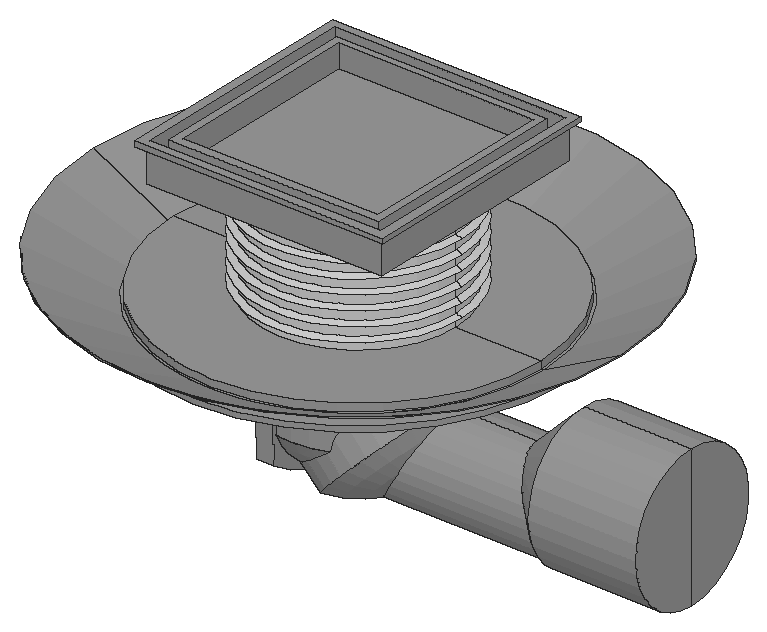
Revit family "HL_Трап для балконов и террас_HL80-3020", category Instalační zařizovací předměty, Revit 2016
Family settings
  Typ součásti = Normální
  Kóta kulaté spojky = Použít průměr
  Číslo OmniClass = 23.70.50.21.24.14
  Nadpis OmniClass = Deck Waste Water Drains
  Založené na pracovní rovině = Ne
  Vždy vertikální = Ano
  Ořezat dutým tvarem při načtení = Ne
  Sdílené = Ne
  Bod výpočtu místnosti = Ano
Parameters (values of type "HL_Трап для балконов и террас_HL80-3020")
  РЕШЁТКА = "112 x 112 mm"
  РАЗМЕР = "DN50/75"
  ПРОПУСКНАЯ СПОСОБНОСТЬ [instance] = 0.0 L/s
  ПРОИЗВОДИТЕЛЬНОСТЬ = "0,80 l/s"
  ПРАВОВАЯ ИНФОРМАЦИЯ = "\"Авторские права(©), права на дизайн или какие либо другие права интелектуальной собственности являются исключительной собственностью компании HL Hutterer & Lechner. Изменению не подлежит. Файл семейства с данными о прозводителе изделия защищен паролем с водяным знаком.\""
  НОМИНАЛЬНЫЙ ДИАМЕТР [instance] = 75 mm
  НАСАДКА = "10 - 80 mm / 132 x 132 mm"
  МАТЕРИАЛ = "PP / PE"
  МАКСИМАЛЬНАЯ НАГРУЗКА КЛАССА = "K3 -300kg"
  ВЫСОТА МОНТАЖА = "124mm"
  ВЕС = "0,666 kg"
  Výrobce = "HL Hutterer & Lechner GmbH"
  URL = "http://www.hutterer-lechner.com/ru/products/catalog/roof-drains/HL80-3020.aspx"
  Материал плитка [instance] = none
  Připojení ventilace = no
  Připojení odpadu = yes
  Připojení HW = no
  Připojení CW = no
  Popis = "Трап для балконов и террас"
  Model = "HL80-3020"
  Assembly Code = " "
  Komentáře k typům = "Трап для балконов и террас, с выпуском DN50/75 с бесступенчатой настройкой 0?90?, с механическим незамерзающим запахозапирающим клапаном, с надставным элементом 132х132/112х112 мм для вклеивания керамической плитки"
  Keynote = "HL80-3020"
  Высота монтажа 2 [instance] = 0 mm
  Высота монтажа 1 [instance] = 80 mm
  IH [instance] = Высота монтажа 1 + Высота монтажа 2  # 80 mm
  Угол установки [instance] = 90.00°
  G [instance] = if(Угол установки = 0.00°, 180.00°, 90.00°)  # 90.00°
  F [instance] = if(and(Угол установки = 0.00°, НОМИНАЛЬНЫЙ ДИАМЕТР = 50 mm), 25.5 mm, 13 mm)  # 13 mm
  EAN = "9003076034468"
  D [instance] = if(and(Угол установки = 0.00°, НОМИНАЛЬНЫЙ ДИАМЕТР = 75 mm), 164.2 mm, if(and(Угол установки = 0.00°, НОМИНАЛЬНЫЙ ДИАМЕТР = 50 mm), 69.3 mm, if(and(Угол установки = 90.00°, НОМИНАЛЬНЫЙ ДИАМЕТР = 50 mm), 95 mm - 13 mm, 178.1 mm - 13 mm)))  # 165.1 mm
  C [instance] = if(IH - 68 mm < 0 mm, 0 mm, IH - 68 mm)  # 12 mm
  B [instance] = IH + if(НОМИНАЛЬНЫЙ ДИАМЕТР = 50 mm, 60 mm, 48 mm)  # 128 mm
  A [instance] = if(B - 100 mm > 15 mm, B - 100 mm, 15 mm)  # 28 mm
Reference planes
  plane 1 "Center (Front/Back)": y = 0
  plane 2: z = 0
  plane 3 "Center (Left/Right)": x = 0
  plane 4: z = -128
  plane 5: z = -80
  plane 6: x = 13
  plane 7: z = -80
Lines and regions (mm)
  model lines, style "InvisibleLines"
    curve 1: line (0, 0, 0) -> (0, 0, 20)
  model lines, style "PlumbingFixtures", not visible, detail levels coarse+medium
    curve 2: line (0, 0, -128) -> (0, 0, -100)
  model lines, style "PlumbingFixtures", detail levels coarse+medium
    curve 3: line (0, 0, -100) -> (-100, 0, 0)
    curve 4: line (0, 0, -100) -> (100, 0, 0)
    curve 6: line (13, 0, -128) -> (178.1, 0, -128)
    curve 23: line (0, 0, -128) -> (0, 0, -100)
    curve 24: line (13, 0, -128) -> (0, 0, -128)
  reference lines, not visible
    curve 5: line (13, 0, -128) -> (178.1, 0, -128)
  symbolic lines, style "PlumbingFixtures", detail levels coarse+medium
    curve 7: line (-75, 75, 0) -> (75, 75, 0)
    curve 8: line (-75, -75, 0) -> (-75, 75, 0)
    curve 9: line (75, -75, 0) -> (-75, -75, 0)
    curve 10: line (75, 75, 0) -> (75, -75, 0)
    curve 11: line (-75, 75, 0) -> (-145.711, 145.711, 0)
    curve 12: line (75, 75, 0) -> (145.711, 145.711, 0)
    curve 13: line (-75, -75, 0) -> (-145.711, -145.711, 0)
    curve 14: line (75, -75, 0) -> (145.711, -145.711, 0)
  symbolic lines, style "PlumbingFixtures", not visible, detail levels coarse+medium
    curve 15: line (-75, 75, 0) -> (75, 75, 0)
    curve 16: line (-75, -75, 0) -> (-75, 75, 0)
    curve 17: line (75, -75, 0) -> (-75, -75, 0)
    curve 18: line (75, 75, 0) -> (75, -75, 0)
    curve 19: line (-75, 75, 0) -> (-145.711, 145.711, 0)
    curve 20: line (75, 75, 0) -> (145.711, 145.711, 0)
    curve 21: line (-75, -75, 0) -> (-145.711, -145.711, 0)
    curve 22: line (75, -75, 0) -> (145.711, -145.711, 0)
Text (mm)
  text "FLOOR" at (-162.344, 0, -10.979), in view "вид строительства"
Dimensions and locks
  "B": plane 2 to plane 4
  "IH": plane 2 to plane 5
  "A": curve 4 to plane 4
  "D": curve 5 to curve 5
  "D": curve 6 to curve 6
  "F": plane 6 to plane 3 "Center (Left/Right)"
  "Высота монтажа 1": plane 2 to plane 7
  locked: curve 4 to plane 3 "Center (Left/Right)" (angle 45.00°)
  locked: plane 3 "Center (Left/Right)" to curve 3 (angle 45.00°)
  "G": angle curve 5 to plane 3 "Center (Left/Right)"
  aligned and locked: level to plane 2
  aligned and locked: plane 2 to curve 4
  aligned and locked: plane 2 to curve 3
  aligned and locked: plane 4 to curve 2
  aligned and locked: plane 4 to curve 5
  aligned and locked: plane 6 to curve 5
  aligned and locked: curve 6 to curve 5
  aligned and locked: nested 3 to plane 3 "Center (Left/Right)"
  aligned and locked: plane 2 to nested 2
  aligned and locked: plane 3 "Center (Left/Right)" to nested 2
  aligned and locked: nested 1 to nested 2
  aligned and locked: nested 1 to nested 3
  aligned and locked: plane 5 to nested 3
Automatic sketch dimensions
  curve 2 to plane 3 "Center (Left/Right)" = 0 mm
  curve 1 to plane 3 "Center (Left/Right)" = 0 mm
  curve 24 to plane 6 = 0 mm
  curve 1 to level = 0 mm
  level to curve 1 = 20 mm
  curve 6 to curve 5 = 0 mm
Nested families
  nested 1: "HL-Вкладыш заслонки-HL080.4E" at (0, 0, -95.654), type "HL-Вкладыш заслонки-HL080.4E"
  nested 2: "HL-Насадка-HL3020" at (0, 0, 0), Высота монтажа <- "Высота монтажа 1", type "HL3020"
    with Высота монтажа 80 mm, RN 7, RL 45.5 mm, R yes, NL_Test yes, NL 80 mm
  nested 3: "HL-Корпус-HL80K-3020" at (0, 0, -80), DN <- "НОМИНАЛЬНЫЙ ДИАМЕТР", Угол установки <- "Угол установки", type "HL80K-3020"
    with Угол установки 90.00°, OE 5 mm, LV 0 mm, DT 10 mm, DN 75 mm
Connectors
  piping at (178.1, 0, -128), diameter 75, driven by "ПРОПУСКНАЯ СПОСОБНОСТЬ", driven by "НОМИНАЛЬНЫЙ ДИАМЕТР"
    settings: on curve 5, index 1, connector inside diameter 609.6 mm, connector length 0 mm, flow factor 0, pipe flow 0.0 L/s, pressure drop 0.0 Pa, fitting loss kfactor 0, connector angle 0.00°, fixture units 0, engagement length 0 mm, angle of deflection 0.00°, flow configuration 1, flow direction 2, fitting loss method 0, system type 16, joint type 0, gender type 0, connector reference index -1, connector utility 0, adjustable connector yes, is connector primary yes, connector description ""
Definition of nested family "HL-Вкладыш заслонки-HL080.4E"
  Parameters (values of type "HL-Вкладыш заслонки-HL080.4E")
    ПРАВОВАЯ ИНФОРМАЦИЯ = "\"Авторские права(©), права на дизайн или какие либо другие права интелектуальной собственности являются исключительной собственностью компании HL Hutterer & Lechner. Изменению не подлежит. Файл семейства с данными о прозводителе изделия защищен паролем с водяным знаком.\""
    ВЕС = "0,042 kg"
    Manufacturer = "HL Hutterer & Lechner GmbH"
    URL = "http://www.hutterer-lechner.com/ru/products/catalog/roof-drains/HL080.4E.aspx"
    Description = "Вкладыш заслонки"
    Model = "HL080.4E"
    материал 2 = none
    Материал = none
    Type Comments = "Вкладыш заслонки комплект"
    Keynote = "HL080.4E"
    Высота монтажа [instance] = 0 mm
    EAN = "9003076008049"
    Cost = 0
  Reference planes
    plane 1 "Střed (vpředu/vzadu)": y = 0
    plane 2: z = 0
    plane 3 "Střed (vlevo/vpravo)": x = 0
  Forms (mm)
    Revolve 1, solid, material <- "материал 2", detail levels fine
      sketch origin (0, 0, 0) x (1, 0, 0) y (0, 0, 1)
        loop
          line (-45.361, -5.658) -> (-45.361, -1.658)
          arc (-45.361, -1.658) -> (-46.973, -3.658) -> (-45.361, -5.658) r 2.047
        axis (0, -1.658) -> (0, -5.658)
      angle from 0 to 360
    Extrusion 2, solid, material <- "Материал", detail levels fine
      sketch origin (0, 0, 0) x (1, 0, 0) y (0, 1, 0)
        loop
          circle (0, 0) r 45.361
        loop
          arc (-16.459, 37) -> (-40.496, 0) -> (-16.459, -37) r 40.496
          line (-16.459, -37) -> (16.459, -37)
          arc (16.459, -37) -> (40.496, 0) -> (16.459, 37) r 40.496
          line (16.459, 37) -> (-16.459, 37)
      from 0 to -7.5
    Extrusion 3, void
      sketch origin (0, 0, 0) x (1, 0, 0) y (0, 1, 0)
        loop
          circle (0, 0) r 41.7
        loop
          circle (0, 0) r 70
      from 0 to -23.96
    Extrusion 4, solid, material <- "Материал", detail levels fine
      sketch origin (0, 0, 0) x (0, 1, 0) y (0, 0, 1)
        loop
          line (43, -7.5) -> (-43, -7.5) -> (-43, -48.11)
          arc (-43, -48.11) -> (0, -62.392) -> (43, -48.11) r 71.872
          line (43, -48.11) -> (43, -7.5)
      from -14.5 to -12
    Extrusion 5, solid, material <- "Материал", detail levels fine
      sketch origin (0, 0, 0) x (1, 0, 0) y (0, 0, 1)
        loop
          line (-9.5, -11.383) -> (11.5, -8.432) -> (10.013, 0) -> (-8.504, 0) -> (-9.5, -11.383)
      from -1.6 to 1.6
    Extrusion 6, solid, material <- "Материал", detail levels fine
      sketch origin (0, 0, 0) x (0, 1, 0) y (0, 0, 1)
        loop
          line (39, -12.086) -> (-39, -12.086) -> (-39, -22.437) -> (-30, -22.437) -> (-30, -46.364)
          arc (-30, -46.364) -> (0, -59.879) -> (30, -46.364) r 40.054
          line (30, -46.364) -> (30, -22.437) -> (39, -22.437) -> (39, -12.086)
      from -12 to 10
    Extrusion 7, void
      sketch origin (0, 0, 100) x (1, 0, 0) y (0, 0, 1)
        loop
          line (-7.423, -112.086) -> (10.923, -162.491) -> (13.034, -162.491) -> (13.034, -112.086) -> (-7.423, -112.086)
      from -40.614 to 41.075
    Extrusion 8, solid, material <- "Материал", detail levels fine
      sketch origin (0, 0, 0) x (1, 0, 0) y (0, 0, 1)
        loop
          line (-12, -13.505) -> (42.684, -7.273) -> (42.684, -5.592) -> (-12, -7.5) -> (-12, -13.505)
      from -51.643 to 51.552
  Cuts and joins
    Extrusion 7 cuts Extrusion 6
    joined: Extrusion 2, Extrusion 4, Extrusion 6
    Extrusion 3 cuts Extrusion 8
  Dimensions and locks
    aligned and locked: level to plane 2
Definition of nested family "HL-Насадка-HL3020"
  Parameters (values of type "HL3020")
    РЕШЁТКА = "112 x 112 mm / ABS-V4A"
    РАЗМЕР = "d 110 mm"
    ПРАВОВАЯ ИНФОРМАЦИЯ = "Авторские права(©), права на дизайн или какие либо другие права интелектуальной собственности являются исключительной собственностью компании HL Hutterer & Lechner. Изменению не подлежит. Файл семейства с данными о прозводителе изделия защищен паролем с водяным знаком."  # constant formula
    НАСАДКА = "132 x 132 mm / PP-V4A"
    МАКСИМАЛЬНАЯ НАГРУЗКА КЛАССА = "K3 - 300 kg"
    Высота монтажа [instance] = 100 mm
    ВЫСОТА МОНТАЖА = "30 - 100 mm (10-80 mm)"
    ВЕС = "0,32 [kg]"
    Waste Connection = yes
    Vent Connection = no
    RD = 6.5 mm  # constant formula
    R [instance] = ((Высота монтажа - NL_Min) / RD - 1) > 2  # yes
    RL [instance] = RD * RN  # 65 mm
    NL_Test [instance] = and(or(Высота монтажа < NL_Max, Высота монтажа = NL_Max), or(Высота монтажа > NL_Min, Высота монтажа = NL_Min))  # yes
    NL_Min = 30 mm
    NL_Max = 100 mm
    NL [instance] = if(NL_Test, Высота монтажа, 0 mm)  # 100 mm
    RN [instance] = if((Высота монтажа - NL_Min) / RD - 1 < 2, 2, (Высота монтажа - NL_Min) / RD - 1)  # 10
    Manufacturer = "HL Hutterer & Lechner GmbH"  # constant formula
    URL = "http://www.hutterer-lechner.com/ru/products/catalog/floor-drains/attachments/HL3020.aspx"
    HW Connection = no
    Description = "Трапы для внутренних помещений - Комплектующие"
    Model = "HL3020"
    Type Comments = "HL3020 Надставной элемент ?110 мм с подрамником из нержавеющей стали 132х132 мм и вкладышем 112х112 мм для вклеивания керамической плитки"
    Keynote = "HL3020"
    EAN = "9003076034253"
    CW Connection = no
  Reference planes
    plane 1 "Center (Front/Back)": y = 0
    plane 2: z = 0
    plane 3 "Center (Left/Right)": x = 0
    plane 4 "Ball Joint Vertical": x = 25.45
    plane 5: z = -100
  Forms (mm)
    Sweep 1, solid, detail levels fine
      path origin (0, 0, 0) x (1, 0, 0) y (0, 1, 0)
        loop
          line (-66, 66) -> (-66, -66) -> (66, -66) -> (66, 66) -> (-66, 66)
      profile origin (0, 66, 0) x (0, 1, 0) y (0, 0, 1)
        loop
          line (0, 0) -> (-4.35, 0) -> (-4.35, -20.7) -> (-3.55, -20.7) -> (-3.55, -2.5) -> (0, -2.5) -> (0, 0)
        loop
          line (-10, 0) -> (-14, 0) -> (-14, -14) -> (-10, -14) -> (-10, 0)
    Extrusion 2, solid, detail levels fine
      sketch origin (0, 0, 0) x (1, 0, 0) y (0, 1, 0)
        loop
          line (-56, 56) -> (-56, -56) -> (56, -56) -> (56, 56) -> (-56, 56)
      from -12 to -14
    Extrusion 3, solid, detail levels fine
      sketch origin (0, 0, 0) x (1, 0, 0) y (0, 1, 0)
        loop
          line (-61.75, 61.75) -> (-61.75, -61.75) -> (61.75, -61.75) -> (61.75, 61.75) -> (-61.75, 61.75)
      from -20.7 to -19.079
    Revolve 4, solid, detail levels fine
      sketch origin (0, 0, 0) x (1, 0, 0) y (0, 0, 1)
        loop
          line (52, -100) -> (52, -20.7) -> (50.2, -20.7) -> (50.2, -100) -> (52, -100)
        axis (0, -20.7) -> (0, -100)
      angle from 0 to 360
  Lines and regions (mm)
    symbolic lines
      curve 1: line (0, 0, -100) -> (0, 0, 0)
  Text (mm)
    text "ROOF/FLOOR" at (-198.233, 0, -26.556), in view "Drain Construction View"
  Dimensions and locks
    locked: plane 4 "Ball Joint Vertical" to plane 3 "Center (Left/Right)" at 25.45
    "NL": plane 2 to plane 5
    equal spacing: group 1, group 3, group 4, group 5, group 6, group 7, group 8, group 9, group 10, group 2  (x3)
    "RL": nested 2 to nested 1
    locked: nested 1 to plane 5 at 1.516
    aligned and locked: level to plane 2
    aligned and locked: plane 3 "Center (Left/Right)" to nested 1
    aligned and locked: plane 1 "Center (Front/Back)" to nested 1
    aligned and locked: plane 2 to curve 1
    aligned and locked: plane 5 to curve 1
    aligned and locked: Sweep 1 to Revolve 4 sketch curve
    aligned and locked: plane 5 to Revolve 4 sketch curve
  Automatic sketch dimensions
    curve 1 to plane 4 "Ball Joint Vertical" = 25.45 mm
    Sweep 1 sketch curve to plane 3 "Center (Left/Right)" = 66 mm
    plane 4 "Ball Joint Vertical" to Sweep 1 sketch curve = 40.55 mm
    plane 1 "Center (Front/Back)" to Sweep 1 sketch curve = 66 mm
    Sweep 1 sketch curve to plane 1 "Center (Front/Back)" = 66 mm
    Sweep 1 sketch curve to profile plane = 0 mm  (x3)
    profile plane to Sweep 1 sketch curve = 3.55 mm
    Sweep 1 sketch curve to Sweep 1 sketch curve = 0.8 mm
    Sweep 1 sketch curve to Sweep 1 sketch curve = 5.65 mm
    Sweep 1 sketch curve to Sweep 1 sketch curve = 4 mm
    Sweep 1 sketch curve to profile plane = 2.5 mm
    Sweep 1 sketch curve to Sweep 1 sketch curve = 11.5 mm
    Sweep 1 sketch curve to Sweep 1 sketch curve = 6.7 mm
    Extrusion 2 sketch curve to plane 3 "Center (Left/Right)" = 56 mm
    plane 4 "Ball Joint Vertical" to Extrusion 2 sketch curve = 30.55 mm
    plane 1 "Center (Front/Back)" to Extrusion 2 sketch curve = 56 mm
    Extrusion 2 sketch curve to plane 1 "Center (Front/Back)" = 56 mm
    Extrusion 3 sketch curve to plane 3 "Center (Left/Right)" = 61.75 mm
    plane 4 "Ball Joint Vertical" to Extrusion 3 sketch curve = 36.3 mm
    plane 1 "Center (Front/Back)" to Extrusion 3 sketch curve = 61.75 mm
    Extrusion 3 sketch curve to plane 1 "Center (Front/Back)" = 61.75 mm
    Revolve 4 sketch curve to plane 3 "Center (Left/Right)" = 0 mm
    plane 4 "Ball Joint Vertical" to Revolve 4 sketch curve = 24.75 mm
    Revolve 4 sketch curve to Revolve 4 sketch curve = 1.8 mm
    Revolve 4 sketch curve to level = 22.222 mm
    level to Revolve 4 sketch curve = 10 mm
  Nested families
    nested 1: "Ring" at (0, 0, -98.484), visible <- "R", type "Ring"
      with R 52 mm, D 104 mm
    nested 2: "Ring" at (0, 0, -33.484), visible <- "R", type "Ring"
      with R 52 mm, D 104 mm
    nested 3: "Ring" at (0, 0, -91.262), visible <- "R", type "Ring"
      with R 52 mm, D 104 mm
    nested 4: "Ring" at (0, 0, -84.039), visible <- "R", type "Ring"
      with R 52 mm, D 104 mm
    nested 5: "Ring" at (0, 0, -76.817), visible <- "R", type "Ring"
      with R 52 mm, D 104 mm
    nested 6: "Ring" at (0, 0, -69.595), visible <- "R", type "Ring"
      with R 52 mm, D 104 mm
    nested 7: "Ring" at (0, 0, -62.373), visible <- "R", type "Ring"
      with R 52 mm, D 104 mm
    nested 8: "Ring" at (0, 0, -55.151), visible <- "R", type "Ring"
      with R 52 mm, D 104 mm
    nested 9: "Ring" at (0, 0, -47.928), visible <- "R", type "Ring"
      with R 52 mm, D 104 mm
    nested 10: "Ring" at (0, 0, -40.706), visible <- "R", type "Ring"
      with R 52 mm, D 104 mm
  Definition of nested family "Ring"
    Parameters (values of type "Ring")
      Manufacturer = ""
      URL = ""
      R = D / 2  # 51.5 mm
      Description = ""
      Model = ""
      Material = none
      Type Comments = ""
      D = 103 mm
      Cost = 0
    Reference planes
      plane 1 "Střed (vpředu/vzadu)": y = 0
      plane 2: z = 0
      plane 3 "Střed (vlevo/vpravo)": x = 0
    Forms (mm)
      Revolve 1, solid, material <- "Material", detail levels fine
        sketch origin (0, 0, 0) x (1, 0, 0) y (0, 0, 1)
          loop
            line (-51.5, 1.482) -> (-54.764, 0) -> (-51.5, -1.516) -> (-51.5, 1.482)
          axis (0, 1.482) -> (0, -1.516)
        angle from 0 to 360
    Dimensions and locks
      "R": Revolve 1 sketch curve to plane 3 "Střed (vlevo/vpravo)"
      aligned and locked: level to plane 2
      aligned and locked: Revolve 1 sketch curve to plane 3 "Střed (vlevo/vpravo)"
    Automatic sketch dimensions
      Revolve 1 sketch curve to level = 0 mm
      Revolve 1 sketch curve to Revolve 1 sketch curve = 3.264 mm
      Revolve 1 sketch curve to level = 1.516 mm
      level to Revolve 1 sketch curve = 1.482 mm
      Revolve 1 sketch curve to level = 381 mm
      Revolve 1 sketch curve to Revolve 1 sketch curve = 2212.833 mm
Definition of nested family "HL-Корпус-HL80K-3020"
  Parameters (values of type "HL80K-3020")
    РАЗМЕР = "DN50/75"
    ПРАВОВАЯ ИНФОРМАЦИЯ = "Авторские права(©), права на дизайн или какие либо другие права интелектуальной собственности являются исключительной собственностью компании HL Hutterer & Lechner. Изменению не подлежит. Файл семейства с данными о прозводителе изделия защищен паролем с водяным знаком."  # constant formula
    МАТЕРИАЛ = "PP/PE"
    ВЫСОТА МОНТАЖА = "112 mm"
    ВЕС = "0,45 [kg]"
    Waste Connection = yes
    Vent Connection = no
    Manufacturer = "HL Hutterer & Lechner GmbH"  # constant formula
    LV [instance] = if(DN = 75 mm, 0 mm, 83 mm)  # 0 mm
    HW Connection = no
    EAN = "9003076034475"
    Default Elevation = 0 mm
    URL = "http://www.hutterer-lechner.com/ru/Products/catalog/floor-drains/attachments/HL80K-3020.aspx"
    RN2 = DN2 / 2  # 37.5 mm
    RN1 = DN1 / 2  # 25 mm
    Description = "Трапы для внутренних помещений - Комплектующие"
    DT [instance] = if(DN = DN1, 10 mm, if(DN = DN2, 10 mm, 0 mm))  # 10 mm
    DN [instance] = 75 mm
    CW Connection = no
    OL = 150 mm  # constant formula
    OE [instance] = if(Угол установки > 0.00°, 5 mm, 30 mm)  # 5 mm
    Model = "HL80K-3020"
    Type Comments = "HL80K-3020 Корпус трапа для балконов и террас, с выпуском DN50/75 с бесступенчатой настройкой 0?90?, для серии 3020, с глубокой строительной заглушкой."
    Keynote = "HL80K-3020"
    Угол установки [instance] = 90.00°
    DN2 = 75 mm  # constant formula
    DN1 = 50 mm  # constant formula
  Reference planes
    plane 1 "Center (Front/Back)": y = 0
    plane 2: z = 0
    plane 3 "Center (Left/Right)": x = 0
    plane 4: z = 0
    plane 5: z = -90
    plane 6: z = -215
    plane 7 "Ball joint horizontal": z = -60
    plane 8 "Ball Joint Vertical": x = 25.45
  Forms (mm)
    Revolve 1, solid, detail levels fine
      sketch origin (0, 0, -30) x (1, 0, 0) y (0, 0, 1)
        loop
          line (-110.113, 30) -> (-110.113, 27) -> (-93.745, 27) -> (-93.745, 22.2) -> (-57.512, 22.2) -> (-57.512, 6.846) -> (-44.801, 6.846) -> (-44.801, -19.856)
          arc (-44.801, -19.856) -> (-26.723, -40.908) -> (-0.11, -48.765) r 49
          line (-0.11, -48.765) -> (-0.11, 33.918) -> (-98.114, 33.918) -> (-98.114, 30) -> (-99.543, 30) -> (-141.004, 51.521) -> (-141.004, 30) -> (-110.113, 30)
        axis (-0.11, 51.521) -> (-0.11, -48.765)
      angle from 0 to 360
    Sweep 2, solid, detail levels fine
      path in 3D
        loop
          line (5.45, 0, -60) -> (175.45, 0, -60)
      profile origin (90.45, 0, -60) x (0, 0, 1) y (0, -1, 0)
        loop
          circle (0, 0) r 25
    Revolve 3, solid, detail levels fine
      sketch origin (85.45, 0, -47.5) x (1, 0, 0) y (0, 0, 1)
        loop
          line (92.547, 0) -> (92.547, 37.5) -> (35.328, 37.5) -> (-2.125, 0) -> (92.547, 0)
        axis (-2.125, 0) -> (92.547, 0)
      angle from 0 to 360
    Revolve 4, solid, detail levels fine
      sketch origin (0, 0, -30) x (1, 0, 0) y (0, 0, 1)
        loop
          arc (-5.129, -58.164) -> (18.272, -55.942) -> (38.248, -43.552) r 51.5
          line (38.248, -43.552) -> (12.414, -17.719) -> (-16.58, -46.713) -> (-5.129, -58.164)
        axis (12.414, -17.719) -> (38.248, -43.552)
      angle from 0 to 360
    Extrusion 5, solid, detail levels fine
      sketch origin (0, 0, -30) x (0, 1, 0) y (0, 0, 1)
        loop
          line (46.407, 6.846) -> (-46.407, 6.846) -> (-45.146, -33.989)
          arc (-45.146, -33.989) -> (0.072, -49.081) -> (45.158, -33.599) r 74.323
          line (45.158, -33.599) -> (46.407, 6.846)
      from -18 to -9
    Revolve 6, void
      sketch origin (0, 0, -30) x (1, 0, 0) y (0, 0, 1)
        loop
          line (-100.597, 30) -> (-141.004, 50.973) -> (-141.004, 30) -> (-100.597, 30)
        axis (-0.11, 50.973) -> (-0.11, 30)
      angle from 0 to 360
    Extrusion 7, void
      sketch origin (177.997, 0, -47.5) x (0, -1, 0) y (0, 0, 1)
        loop
          circle (0, 0) r 38
      from -2 to 0 <- "LV"
  Cuts and joins
    Revolve 6, Extrusion 7 cuts Revolve 1
    Extrusion 7 cuts Revolve 4
    Extrusion 7 cuts Extrusion 5
    joined: Revolve 1, Revolve 4, Extrusion 5
    Extrusion 7 cuts Sweep 2
    Extrusion 7 cuts Revolve 3
    joined: Sweep 2, Revolve 3
  Lines and regions (mm)
    reference lines
      curve 1: line (25.45, 0, -60) -> (175.45, 0, -60)
      curve 2: line (85.45, 0, -47.5) -> (175.45, 0, -47.5)
      curve 3: line (175.45, 0, -60) -> (175.45, 0, -42.5)
      curve 5: line (175.45, 0, -42.5) -> (85.45, 0, -42.5)
    sketch lines
      curve 4: line (5.45, 0, -60) -> (175.45, 0, -60)
    symbolic lines
      curve 6: line (71.515, 0, -30.897) -> (71.515, 0, -85.097)
    model lines, not visible
      curve 7: line (0, 0, 0) -> (0, 0, -10)
  Dimensions and locks
    plane 4 to plane 5 = 90 mm
    plane 4 to plane 6 = 215 mm
    plane 4 to plane 7 "Ball joint horizontal" = 60 mm
    locked: plane 8 "Ball Joint Vertical" to plane 3 "Center (Left/Right)" at 25.45
    locked: curve 3 to curve 2 at 90
    "OL": curve 3 to curve 1
    "RN2": Revolve 3 sketch curve to Revolve 3 sketch curve
    locked: Revolve 3 sketch curve to Revolve 3 sketch curve at 94.672
    Revolve 3 sketch curve to Revolve 3 sketch curve = 57.218 mm
    locked: curve 5 to curve 5 at 90
    locked: curve 5 to curve 1 at 17.5
    "OE": curve 5 to curve 2
    Revolve 1 sketch curve to Revolve 1 sketch curve to Revolve 1 sketch curve to Revolve 1 sketch curve to Revolve 1 sketch curve = 11.999 mm locked, 40.602 mm locked, 12.711 mm locked, 44.692 mm locked
    plane 2 to plane 4 = 0 mm
    locked: plane 4 to Extrusion 5 sketch curve at 23.154
    locked: Extrusion 7 sketch curve to curve 2
    "DT": cut or joined group of Revolve 1, Revolve 4, Extrusion 5, Revolve 6, Extrusion 7 to curve 7
    "DN1": diameter of Sweep 2 sketch curve
    radius of Extrusion 7 sketch curve = 38 mm
    "Угол установки": angle plane 8 "Ball Joint Vertical" to curve 1
    locked: curve 3 to curve 1 (angle 90.00°)
    locked: curve 2 to curve 3 (angle 90.00°)
    locked: curve 5 to curve 3 (angle 90.00°)
    aligned and locked: level to plane 2
    aligned and locked: plane 8 "Ball Joint Vertical" to curve 1
    aligned and locked: plane 7 "Ball joint horizontal" to curve 1
    aligned and locked: plane 4 to Revolve 1 sketch curve
    aligned and locked: Revolve 1 sketch curve to Revolve 1 sketch curve
    aligned and locked: Revolve 3 sketch curve to curve 2
  Automatic sketch dimensions
    Revolve 1 sketch curve to level = 0 mm
    level to Revolve 1 sketch curve = 21.521 mm
    Revolve 1 sketch curve to plane 3 "Center (Left/Right)" = 141.004 mm
    Revolve 1 sketch curve to Revolve 1 sketch curve = 30.89 mm
    Revolve 1 sketch curve to Revolve 1 sketch curve = 1.429 mm
    Revolve 1 sketch curve to Revolve 1 sketch curve = 4.369 mm
    Revolve 1 sketch curve to level = 3 mm
    Revolve 1 sketch curve to level = 7.8 mm
    Revolve 1 sketch curve to Revolve 1 sketch curve = 15.354 mm
    Revolve 1 sketch curve to level = 29.765 mm
    plane 7 "Ball joint horizontal" to Revolve 1 sketch curve = 10.144 mm
    level to Revolve 1 sketch curve = 3.918 mm
    Revolve 1 sketch curve to plane 6 = 96 mm
    Revolve 1 sketch curve to Revolve 1 sketch curve = 2192.794 mm
    Revolve 4 sketch curve to plane 3 "Center (Left/Right)" = 16.58 mm
    plane 5 to Revolve 4 sketch curve = 1.836 mm
    Revolve 4 sketch curve to plane 3 "Center (Left/Right)" = 5.129 mm
    plane 3 "Center (Left/Right)" to Revolve 4 sketch curve = 1.832 mm
    plane 3 "Center (Left/Right)" to Revolve 4 sketch curve = 12.414 mm
    plane 8 "Ball Joint Vertical" to Revolve 4 sketch curve = 12.798 mm
    Revolve 4 sketch curve to Revolve 4 sketch curve = 11.451 mm
    Revolve 4 sketch curve to Revolve 4 sketch curve = 1.581 mm  (x2)
    Revolve 4 sketch curve to Revolve 4 sketch curve = 3.04 mm  (x2)
    plane 1 "Center (Front/Back)" to Extrusion 5 sketch curve = 46.407 mm
    Extrusion 5 sketch curve to plane 7 "Ball joint horizontal" = 3.989 mm
    Extrusion 5 sketch curve to Extrusion 5 sketch curve = 1.261 mm
    plane 1 "Center (Front/Back)" to Extrusion 5 sketch curve = 0.249 mm
    Extrusion 5 sketch curve to plane 7 "Ball joint horizontal" = 3.599 mm
    Extrusion 5 sketch curve to plane 1 "Center (Front/Back)" = 45.158 mm
    Extrusion 5 sketch curve to Extrusion 5 sketch curve = 1.249 mm
    Revolve 6 sketch curve to level = 0 mm
    level to Revolve 6 sketch curve = 20.973 mm
    Revolve 6 sketch curve to plane 3 "Center (Left/Right)" = 141.004 mm
    Revolve 6 sketch curve to plane 6 = 96 mm
    Revolve 6 sketch curve to Revolve 6 sketch curve = 2193.342 mm
    Revolve 6 sketch curve to Revolve 6 sketch curve = 40.406 mm
    Revolve 6 sketch curve to plane 3 "Center (Left/Right)" = 0.11 mm
    curve 7 to level = 0 mm
    curve 7 to plane 3 "Center (Left/Right)" = 0 mm
    plane 5 to curve 6 = 4.903 mm
    plane 8 "Ball Joint Vertical" to curve 6 = 46.065 mm
    plane 7 "Ball joint horizontal" to curve 6 = 29.103 mm
    profile plane to Sweep 2 sketch curve = 0 mm
    Sweep 2 sketch curve to profile plane = 0 mm
    Revolve 3 sketch curve to curve 2 = 0 mm  (x3)
    Revolve 3 sketch curve to curve 2 = 2.125 mm
